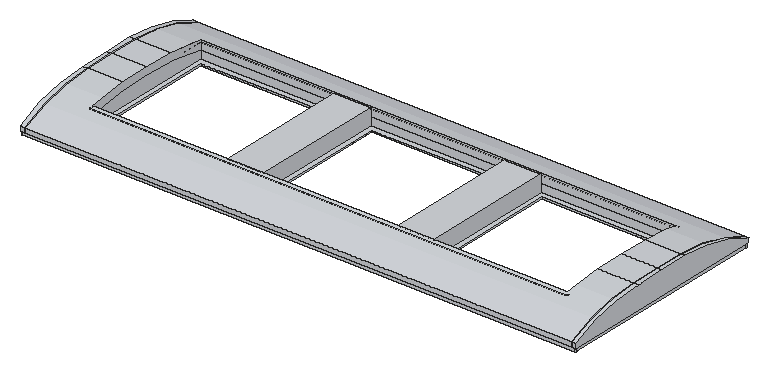
Revit family "Gira_021336", category Electrical Fixtures, host Face, Revit 2017
Family settings
  Host = Face
  Maintain Annotation Orientation = No
  Round Connector Dimension = Use Diameter
  Part Type = Normal
  Cut with Voids When Loaded = No
  Shared = No
  Room Calculation Point = No
Parameters (values of type "Cov.fr. 3-g interm.fr. CAl Gira Event c.alum.")
  With mounting grid = "No"
  With hinged lid = "No"
  URL = "http://katalog.gira.de/en/datenblatt.html?artikelnr=021336"
  Type of fastening = "Clamp mounting"
  Transparent = "No"
  Surface protection = "Other"
  Suitable for wall duct = "No"
  Suitable for flush-mounted installation = "Yes"
  Suitable for floor box = "No"
  Suitable for built-in installation = "No"
  Number of units vertical = "3"
  Number of units horizontal = "3"
  Number of units = "3"
  Name = "Cov.fr. 3-g interm.fr. CAl Gira Event c.alum."
  Mounting direction = "Horizontal and vertical"
  Material quality = "Thermoplastic"
  Material = "Plastic"
  Manufacturer URL = "https://www.gira.de/"
  Manufacturer = "Gira"
  Label space/information surface = "No"
  Keynote = ""
  HeinzeBIM = "https://bimportal.heinze.de/bim/cov-fr-3-g-interm-fr-cal-gira-event-c-alum-/c508606ff1cf3c0fa1ae9788b8d0d6cea2d283da"
  Halogen free = "Yes"
  HAN = "021336"
  GTIN = "4010337213369"
  Description = "Cov.fr.3g i.fr.CAl Event CAl,Gira Event frames,colour aluminium with colour aluminium intermediate frame,3-gang,Features:,- Shatter-proof."
  Degree of protection (IP) = "IP20"
  Default Elevation = 1219.2 mm
  Data sheet (1) = "https://katalog.gira.de/en/download.html?artikelnr=021336"
  Colour = "Aluminium"
  Category = "Cover frame for domestic switching devices"
  BIM (1) = "https://media.stage.bim.site/public/gira/36a6b08/Event_Rahmen_3fach.rfa"
  Available = "No"
Reference planes
  plane 1 "Center (Front/Back)": y = 0
  plane 2: z = 0
  plane 3 "Center (Left/Right)": x = 0
Forms (mm)
  Extrusion 1, solid, detail levels fine
    sketch origin (0, 0, 0.05) x (0, 1, 0) y (0, 0, 1)
      loop
        arc (12.445, 9.683) -> (6.223, 9.833) -> (0, 9.85) r 291.636
        arc (0, 9.85) -> (-6.223, 9.833) -> (-12.445, 9.683) r 291.636
        arc (-12.445, 9.683) -> (-29.14, 7.482) -> (-45, 1.823) r 79.728
        line (-45, 1.823) -> (-45, -0.05) -> (-42.086, -0.05)
        arc (-42.086, -0.05) -> (-21.385, 5.559) -> (0, 7.206) r 114.424
        arc (0, 7.206) -> (21.385, 5.559) -> (42.086, -0.05) r 114.424
        line (42.086, -0.05) -> (45, -0.05) -> (45, 1.823)
        arc (45, 1.823) -> (29.14, 7.482) -> (12.445, 9.683) r 79.728
    from -114.3 to 114.3
  Extrusion 2, void, detail levels fine
    sketch origin (0, 0, 0) x (1, 0, 0) y (0, 1, 0)
      loop
        line (-99.355, -28.053) -> (99.355, -28.053) -> (99.355, 28.053) -> (-99.355, 28.053) -> (-99.355, -28.053)
    from 0.724 to 11
  Extrusion 3, solid, detail levels coarse
    sketch origin (0, 0, 0) x (1, 0, 0) y (0, 1, 0)
      loop
        line (-116.3, 45) -> (-116.3, -45) -> (116.3, -45) -> (116.3, 45) -> (-116.3, 45)
    from -1.5 to 9.9
  Extrusion 4, solid, detail levels medium
    sketch origin (0, 0, 0.05) x (0, 1, 0) y (0, 0, 1)
      loop
        arc (12.445, 9.683) -> (6.223, 9.833) -> (0, 9.85) r 291.636
        arc (0, 9.85) -> (-6.223, 9.833) -> (-12.445, 9.683) r 291.636
        arc (-12.445, 9.683) -> (-29.14, 7.482) -> (-45, 1.823) r 79.728
        line (-45, 1.823) -> (-45, -0.05) -> (45, -0.05) -> (45, 1.823)
        arc (45, 1.823) -> (29.14, 7.482) -> (12.445, 9.683) r 79.728
    from -116.3 to 116.3
  Extrusion 5, solid, detail levels fine
    sketch origin (-71.3, 0, -1.5) x (0, 1, 0) y (0, 0, -1)
      loop
        line (45, -3.373) -> (45, -1.5) -> (-45, -1.5) -> (-45, -3.373)
        arc (-45, -3.373) -> (-29.14, -9.032) -> (-12.445, -11.233) r 79.728
        arc (-12.445, -11.233) -> (-6.223, -11.383) -> (0, -11.4) r 291.636
        arc (0, -11.4) -> (6.223, -11.383) -> (12.445, -11.233) r 291.636
        arc (12.445, -11.233) -> (29.14, -9.032) -> (45, -3.373) r 79.728
    from 43 to 45
  Extrusion 6, solid, detail levels fine
    sketch origin (0, 0, 0) x (1, 0, 0) y (0, 1, 0)
      loop
        line (-97.195, 25.7) -> (-97.195, -25.7) -> (-45.395, -25.7) -> (-45.395, 25.7) -> (-97.195, 25.7)
      loop
        line (25.9, -25.7) -> (25.9, 25.7) -> (-25.9, 25.7) -> (-25.9, -25.7) -> (25.9, -25.7)
      loop
        line (-100.19, 28.49) -> (-100.19, -28.495)
        spline (-100.19, -28.495) -> (-100.181, -28.625) -> (-100.156, -28.754) -> (-100.113, -28.878) -> (-100.056, -28.995) -> (-99.983, -29.104) -> (-99.897, -29.202) -> (-99.798, -29.288) -> (-99.69, -29.361) -> (-99.572, -29.419) -> (-99.448, -29.461) -> (-99.32, -29.486) -> (-99.19, -29.495)
        line (-99.19, -29.495) -> (99.195, -29.495)
        spline (99.195, -29.495) -> (99.325, -29.486) -> (99.454, -29.461) -> (99.578, -29.419) -> (99.695, -29.361) -> (99.804, -29.288) -> (99.902, -29.202) -> (99.988, -29.104) -> (100.061, -28.995) -> (100.119, -28.878) -> (100.161, -28.754) -> (100.186, -28.625) -> (100.195, -28.495)
        line (100.195, -28.495) -> (100.195, 28.49)
        spline (100.195, 28.49) -> (100.186, 28.62) -> (100.161, 28.748) -> (100.119, 28.872) -> (100.061, 28.99) -> (99.988, 29.098) -> (99.902, 29.197) -> (99.804, 29.283) -> (99.695, 29.356) -> (99.578, 29.413) -> (99.454, 29.456) -> (99.325, 29.481) -> (99.195, 29.49)
        line (99.195, 29.49) -> (-99.19, 29.49)
        spline (-99.19, 29.49) -> (-99.32, 29.481) -> (-99.448, 29.456) -> (-99.572, 29.413) -> (-99.69, 29.356) -> (-99.798, 29.283) -> (-99.897, 29.197) -> (-99.983, 29.098) -> (-100.056, 28.99) -> (-100.113, 28.872) -> (-100.156, 28.748) -> (-100.181, 28.62) -> (-100.19, 28.49)
      loop
        line (97.2, -25.7) -> (97.2, 25.7) -> (45.4, 25.7) -> (45.4, -25.7) -> (97.2, -25.7)
    from 0.1 to 7.3
  Extrusion 7, solid
    sketch origin (0, 0, 0) x (1, 0, 0) y (0, 1, 0)
      loop
        arc (-116, -44.2) -> (-115.854, -44.554) -> (-115.5, -44.7) r 0.5
        line (-115.5, -44.7) -> (115.5, -44.7)
        arc (115.5, -44.7) -> (115.854, -44.554) -> (116, -44.2) r 0.5
        line (116, -44.2) -> (116, 44.2)
        arc (116, 44.2) -> (115.854, 44.554) -> (115.5, 44.7) r 0.5
        line (115.5, 44.7) -> (-115.5, 44.7)
        arc (-115.5, 44.7) -> (-115.854, 44.554) -> (-116, 44.2) r 0.5
        line (-116, 44.2) -> (-116, -44.2)
      loop
        line (-114.3, 43) -> (-114.3, -43) -> (114.3, -43) -> (114.3, 43) -> (-114.3, 43)
    from -1.5 to 0.5
  Extrusion 8, solid, detail levels fine
    sketch origin (71.3, 0, -1.5) x (0, 1, 0) y (0, 0, 1)
      loop
        arc (45, 3.373) -> (29.14, 9.032) -> (12.445, 11.233) r 79.728
        arc (12.445, 11.233) -> (6.223, 11.383) -> (0, 11.4) r 291.636
        arc (0, 11.4) -> (-6.223, 11.383) -> (-12.445, 11.233) r 291.636
        arc (-12.445, 11.233) -> (-29.14, 9.032) -> (-45, 3.373) r 79.728
        line (-45, 3.373) -> (-45, 1.5) -> (45, 1.5) -> (45, 3.373)
    from 43 to 45
  Extrusion 9, solid, detail levels medium
    sketch origin (0, 0, 0) x (1, 0, 0) y (0, 1, 0)
      loop
        line (-116, -44.7) -> (116, -44.7) -> (116, 44.7) -> (-116, 44.7) -> (-116, -44.7)
    from -1.5 to 0.5
  Extrusion 10, solid, detail levels fine
    sketch origin (-34.207, 0, 0) x (1, 0, 0) y (0, 1, 0)
      loop
        line (-8.943, 28.063) -> (-8.943, -27.937) -> (6.057, -27.937) -> (6.057, 28.063) -> (-8.943, 28.063)
    from 0.724 to 7.566
  Extrusion 11, solid, detail levels fine
    sketch origin (34.207, 0, 0) x (-1, 0, 0) y (0, -1, 0)
      loop
        line (-8.943, -28.063) -> (6.057, -28.063) -> (6.057, 27.937) -> (-8.943, 27.937) -> (-8.943, -28.063)
    from 0.724 to 7.566
Cuts and joins
  Extrusion 2 cuts Extrusion 1
  Extrusion 2 cuts Extrusion 6
Dimensions and locks
  aligned and locked: plane 2 to host face
  aligned and locked: level to host face
